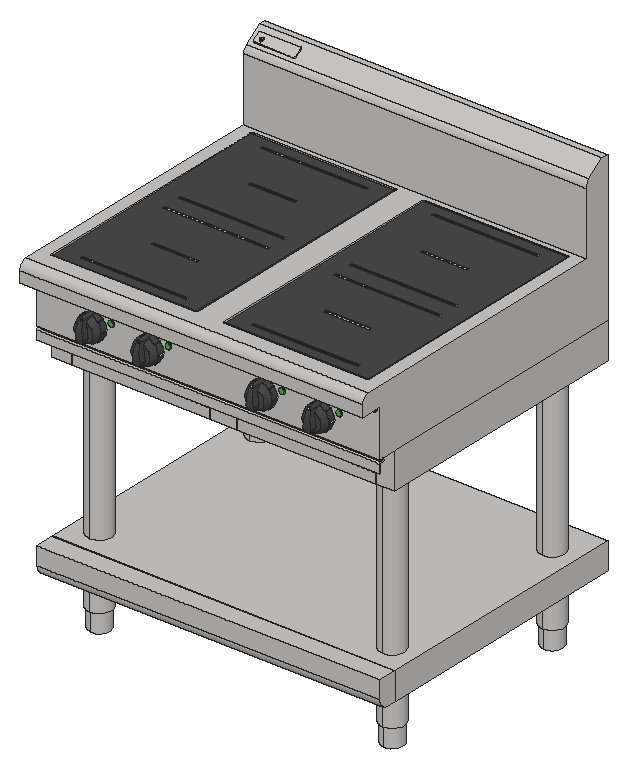
Revit family "QF_Moffat_IN8400R3-LS_Induction Cooktop_cat", category Specialty Equipment, Revit 2019
Family settings
  Round Connector Dimension = Use Diameter
  Part Type = Normal
  Work Plane-Based = No
  Always vertical = Yes
  Cut with Voids When Loaded = No
  Shared = No
  Room Calculation Point = No
Parameters (values of type "INB8400R3-LS_415/60/3")
  Weight in Kilograms = 105
  Watts = 14000 W
  Volts = 415 V
  URL Cutsheet = ""
  Specification by User = ""
  Specification by Manufacturer = ""
  Show Logo [instance] = yes
  Serial Number = ""
  Seismic Rating = ""
  SMACNA No = ""
  Revision Code = ""
  Phase = 3
  Number of Poles = 1
  NAFEM Spec ID Number = ""
  Model = "IN8400R3-LS"
  Min Ckt Ampacity = 0 A
  Max Overcurrent Protection = 0 A
  Masterspec = ""
  Manufacturer = "Moffat"
  Length = 900 mm
  Item Number = ""
  Installed By = ""
  Identify Quantity as Lot = yes
  Height = 1130 mm
  HP = ""
  Furnished By = ""
  Foodservice Equipment Identifier = yes
  FL Amps = 20 A
  Electrical Remarks = ""
  Electric Connection Type = ""
  Elec Conn RI Height = 0 mm
  Elec Conn Connection Height = 0 mm
  Description = "Induction Cooktop"
  Depth = 805 mm
  Cycle = 60 Hz
  Conn Plug = ""
  Conn Conduit = yes
  CSI MasterFormat = ""
  Apparent Power = if(Phase = 3, Volts * FL Amps * 1.73, Volts * FL Amps)  # 14359 VA
Reference planes
  plane 1 "BACK": y = 0
  plane 2: z = 0
  plane 3 "LEFT": x = 0
  plane 4 "RIGHT": x = 900
  plane 5 "FRONT": y = -805
  plane 6 "TOP": z = 1130
  plane 7 "Center Y": x = 450
  plane 8 "Center X": y = -402.5
  plane 9: x = 65.5
  plane 10: x = 834.5
  plane 11: y = -30
  plane 12: z = 150
  plane 13: y = -100
  plane 14: y = -625
  plane 15: y = -70
  plane 16: z = 915
  plane 17: x = 770
Forms (mm)
  Extrusion 1, solid, material "QF_Metal_Stainless_Polished"
    sketch origin (0, 0, 560) x (0, 1, 0) y (0, 0, 1)
      loop
        line (0, 180) -> (0, 570) -> (-18.182, 570) -> (-60.863, 538.99)
        arc (-60.863, 538.99) -> (-67.584, 531.121) -> (-70, 521.058) r 22.165
        line (-70, 521.058) -> (-70, 355) -> (-784.417, 355)
        arc (-784.417, 355) -> (-798.971, 348.971) -> (-805, 334.417) r 20.583
        line (-805, 334.417) -> (-805, 305) -> (-749, 305) -> (-749, 180) -> (0, 180)
    from 0 to 900
  Extrusion 2, void
    sketch origin (0, -784.171, 915) x (0, 1, 0) y (-1, 0, 0)
      loop
        arc (699.341, -37.323) -> (697.584, -33.08) -> (693.341, -31.323) r 6
        line (693.341, -31.323) -> (45.245, -31.323)
        arc (45.245, -31.323) -> (41.002, -33.08) -> (39.245, -37.323) r 6
        line (39.245, -37.323) -> (39.245, -410.105)
        arc (39.245, -410.105) -> (41.002, -414.347) -> (45.245, -416.105) r 6
        line (45.245, -416.105) -> (693.341, -416.105)
        arc (693.341, -416.105) -> (697.584, -414.347) -> (699.341, -410.105) r 6
        line (699.341, -410.105) -> (699.341, -37.323)
      loop
        line (699.341, -862.677) -> (699.341, -489.895)
        arc (699.341, -489.895) -> (697.584, -485.653) -> (693.341, -483.895) r 6
        line (693.341, -483.895) -> (45.245, -483.895)
        arc (45.245, -483.895) -> (41.002, -485.653) -> (39.245, -489.895) r 6
        line (39.245, -489.895) -> (39.245, -862.677)
        arc (39.245, -862.677) -> (41.002, -866.92) -> (45.245, -868.677) r 6
        line (45.245, -868.677) -> (693.341, -868.677)
        arc (693.341, -868.677) -> (697.584, -866.92) -> (699.341, -862.677) r 6
    from 0 to -9.5
  Extrusion 3, solid, material "QF_Plastic_Black_Smooth"
    sketch origin (0, -784.171, 915) x (0, 1, 0) y (-1, 0, 0)
      loop
        line (695.341, -410.105) -> (695.341, -37.323)
        arc (695.341, -37.323) -> (694.755, -35.908) -> (693.341, -35.323) r 2
        line (693.341, -35.323) -> (45.245, -35.323)
        arc (45.245, -35.323) -> (43.831, -35.908) -> (43.245, -37.323) r 2
        line (43.245, -37.323) -> (43.245, -410.105)
        arc (43.245, -410.105) -> (43.831, -411.519) -> (45.245, -412.105) r 2
        line (45.245, -412.105) -> (693.341, -412.105)
        arc (693.341, -412.105) -> (694.755, -411.519) -> (695.341, -410.105) r 2
      loop
        line (667.194, -86.598) -> (661.194, -86.598) -> (661.194, -363.75) -> (667.194, -363.75) -> (667.194, -86.598)
      loop
        line (526.611, -163.924) -> (526.611, -283.924) -> (532.611, -283.924) -> (532.611, -163.924) -> (526.611, -163.924)
      loop
        line (398.444, -86.598) -> (392.444, -86.598) -> (392.444, -363.75) -> (398.444, -363.75) -> (398.444, -86.598)
      loop
        line (345.944, -86.598) -> (339.944, -86.598) -> (339.944, -363.75) -> (345.944, -363.75) -> (345.944, -86.598)
      loop
        line (206.611, -163.924) -> (206.611, -283.924) -> (212.611, -283.924) -> (212.611, -163.924) -> (206.611, -163.924)
      loop
        line (77.194, -86.598) -> (71.194, -86.598) -> (71.194, -363.75) -> (77.194, -363.75) -> (77.194, -86.598)
      loop
        arc (695.341, -489.895) -> (694.755, -488.481) -> (693.341, -487.895) r 2
        line (693.341, -487.895) -> (45.245, -487.895)
        arc (45.245, -487.895) -> (43.831, -488.481) -> (43.245, -489.895) r 2
        line (43.245, -489.895) -> (43.245, -862.677)
        arc (43.245, -862.677) -> (43.831, -864.092) -> (45.245, -864.677) r 2
        line (45.245, -864.677) -> (693.341, -864.677)
        arc (693.341, -864.677) -> (694.755, -864.092) -> (695.341, -862.677) r 2
        line (695.341, -862.677) -> (695.341, -489.895)
      loop
        line (667.194, -813.402) -> (667.194, -536.25) -> (661.194, -536.25) -> (661.194, -813.402) -> (667.194, -813.402)
      loop
        line (526.611, -736.076) -> (532.611, -736.076) -> (532.611, -616.076) -> (526.611, -616.076) -> (526.611, -736.076)
      loop
        line (398.444, -813.402) -> (398.444, -536.25) -> (392.444, -536.25) -> (392.444, -813.402) -> (398.444, -813.402)
      loop
        line (345.944, -813.402) -> (345.944, -536.25) -> (339.944, -536.25) -> (339.944, -813.402) -> (345.944, -813.402)
      loop
        line (206.611, -736.076) -> (212.611, -736.076) -> (212.611, -616.076) -> (206.611, -616.076) -> (206.611, -736.076)
      loop
        line (77.194, -813.402) -> (77.194, -536.25) -> (71.194, -536.25) -> (71.194, -813.402) -> (77.194, -813.402)
    from 0 to -9.5
  Extrusion 4, solid, material "QF_Metal_Stainless_Polished"
    sketch origin (0, 0, 600) x (0, 1, 0) y (0, 0, 1)
      loop
        line (-739.467, 140) -> (-738.192, 134.838)
        arc (-738.192, 134.838) -> (-738.307, 134.302) -> (-738.799, 134.063) r 0.625
        line (-738.799, 134.063) -> (-746.111, 134.063)
        arc (-746.111, 134.063) -> (-748.011, 133.276) -> (-748.797, 131.377) r 2.686
        line (-748.797, 131.377) -> (-748.797, 107.627) -> (-747.197, 107.627) -> (-747.197, 131.242)
        arc (-747.197, 131.242) -> (-746.84, 132.105) -> (-745.976, 132.463) r 1.221
        line (-745.976, 132.463) -> (-738.755, 132.463)
        arc (-738.755, 132.463) -> (-737.028, 133.304) -> (-736.625, 135.182) r 2.194
        line (-736.625, 135.182) -> (-737.815, 140) -> (-739.467, 140)
    from 0 to 900
  Extrusion 5, solid, material "QF_Plastic_Black_Smooth"
    sketch origin (0, -749, 741.875) x (0, 0, 1) y (-1, 0, 0)
      loop
        circle (112.843, -13.157) r 5
      loop
        circle (112.843, -886.843) r 5
    from 0 to 1.6
  Extrusion 6, solid, material "QF_Metal_Stainless_Polished"
    sketch origin (450, -699, 645) x (0, 1, 0) y (1, 0, 0)
      loop
        circle (669, 320) r 6.35
    from 0 to 10
  Extrusion 7, solid, material "QF_Metal_Stainless_Polished"
    sketch origin (0, -699, 645) x (1, 0, 0) y (0, -1, 0)
      loop
        line (0, -699) -> (900, -699) -> (900, 0) -> (849.2, 0) -> (849.2, -25.4) -> (485.8, -25.4) -> (485.8, 0) -> (414.2, 0) -> (414.2, -25.4) -> (50.8, -25.4) -> (50.8, 0) -> (0, 0) -> (0, -699)
    from 0 to -95
  Extrusion 8, solid, material "QF_Metal_Stainless_Polished"
    sketch origin (50.8, -30, 645) x (0, 1, 0) y (0, 0, 1)
      loop
        line (-669, 0) -> (-643.6, 0) -> (-643.6, 26.45) -> (-669, 26.45) -> (-669, 0)
      loop
        line (-669, 32.45) -> (-643.6, 32.45) -> (-643.6, 66.4) -> (-669, 66.4) -> (-669, 32.45)
      loop
        line (-669, 67.4) -> (-643.6, 67.4) -> (-643.6, 95) -> (-669, 95) -> (-669, 67.4)
    from 0 to 363.4
  Extrusion 9, solid, material "QF_Metal_Stainless_Polished"
    sketch origin (900, 0, 560) x (-1, 0, 0) y (0, -1, 0)
      loop
        line (536.25, 122.976) -> (536.25, 116.976) -> (813.402, 116.976) -> (813.402, 122.976) -> (536.25, 122.976)
      loop
        line (736.076, 251.56) -> (736.076, 257.56) -> (616.076, 257.56) -> (616.076, 251.56) -> (736.076, 251.56)
      loop
        line (813.402, 385.726) -> (813.402, 391.726) -> (536.25, 391.726) -> (536.25, 385.726) -> (813.402, 385.726)
      loop
        line (813.402, 438.226) -> (813.402, 444.226) -> (536.25, 444.226) -> (536.25, 438.226) -> (813.402, 438.226)
      loop
        line (736.076, 571.56) -> (736.076, 577.56) -> (616.076, 577.56) -> (616.076, 571.56) -> (736.076, 571.56)
      loop
        line (536.25, 712.976) -> (536.25, 706.976) -> (813.402, 706.976) -> (813.402, 712.976) -> (536.25, 712.976)
      loop
        line (363.75, 122.976) -> (86.598, 122.976) -> (86.598, 116.976) -> (363.75, 116.976) -> (363.75, 122.976)
      loop
        line (163.924, 251.56) -> (283.924, 251.56) -> (283.924, 257.56) -> (163.924, 257.56) -> (163.924, 251.56)
      loop
        line (86.598, 385.726) -> (363.75, 385.726) -> (363.75, 391.726) -> (86.598, 391.726) -> (86.598, 385.726)
      loop
        line (86.598, 438.226) -> (363.75, 438.226) -> (363.75, 444.226) -> (86.598, 444.226) -> (86.598, 438.226)
      loop
        line (163.924, 571.56) -> (283.924, 571.56) -> (283.924, 577.56) -> (163.924, 577.56) -> (163.924, 571.56)
      loop
        line (363.75, 712.976) -> (86.598, 712.976) -> (86.598, 706.976) -> (363.75, 706.976) -> (363.75, 712.976)
    from 355 to 345.5
  Extrusion 10, solid, material "QF_Paint_Green"
    sketch origin (63.231, -748.999, 713.75) x (0, 0, 1) y (-1, 0, 0)
      loop
        circle (100.3, -282.5) r 7.15
    from 0 to 1.6
  Extrusion 11, solid, material "QF_Plastic_Black_Smooth"
    sketch origin (75, -748.999, 725.625) x (0, 0, 1) y (-1, 0, 0)
      loop
        circle (112.843, -225) r 5
    from 0 to 1.6
  Extrusion 12, solid, material "QF_Paint_Green"
    sketch origin (-86.769, -748.999, 713.75) x (0, 0, 1) y (-1, 0, 0)
      loop
        circle (100.3, -282.5) r 7.15
    from 0 to 1.6
  Extrusion 13, solid, material "QF_Plastic_Black_Smooth"
    sketch origin (-75, -748.999, 725.625) x (0, 0, 1) y (-1, 0, 0)
      loop
        circle (112.843, -225) r 5
    from 0 to 1.6
  Extrusion 14, solid, material "QF_Paint_Green"
    sketch origin (511.981, -748.999, 713.75) x (0, 0, 1) y (-1, 0, 0)
      loop
        circle (100.3, -282.5) r 7.15
    from 0 to 1.6
  Extrusion 15, solid, material "QF_Plastic_Black_Smooth"
    sketch origin (523.75, -748.999, 725.625) x (0, 0, 1) y (-1, 0, 0)
      loop
        circle (112.843, -225) r 5
    from 0 to 1.6
  Extrusion 16, solid, material "QF_Paint_Green"
    sketch origin (361.981, -748.999, 713.75) x (0, 0, 1) y (-1, 0, 0)
      loop
        circle (100.3, -282.5) r 7.15
    from 0 to 1.6
  Extrusion 17, solid, material "QF_Plastic_Black_Smooth"
    sketch origin (373.75, -748.999, 725.625) x (0, 0, 1) y (-1, 0, 0)
      loop
        circle (112.843, -225) r 5
    from 0 to 1.6
  Extrusion 18, solid, material "QF_Metal_Stainless_Polished"
    sketch origin (849.2, -30, 645) x (0, 1, 0) y (0, 0, -1)
      loop
        line (-669, 0) -> (-669, -26.45) -> (-643.6, -26.45) -> (-643.6, 0) -> (-669, 0)
      loop
        line (-669, -32.45) -> (-669, -66.4) -> (-643.6, -66.4) -> (-643.6, -32.45) -> (-669, -32.45)
      loop
        line (-669, -67.4) -> (-669, -95) -> (-643.6, -95) -> (-643.6, -67.4) -> (-669, -67.4)
    from 0 to 363.4
Cuts and joins
  Extrusion 2 cuts Extrusion 1
Lines and regions (mm)
  symbolic lines
    curve 1: line (0, 0, 0) -> (900, 0, 0)
    curve 2: line (0, -805, 0) -> (0, 0, 0)
    curve 3: line (900, -805, 0) -> (0, -805, 0)
    curve 4: line (900, 0, 0) -> (900, -805, 0)
    curve 5: line (0, -18.182, 0) -> (900, -18.182, 0)
    curve 6: line (0, -70, 0) -> (450, -70, 0)
    curve 7: line (37.323, -84.83, 0) -> (410.105, -84.83, 0)
    curve 8: arc (410.105, -84.83, 0) -> (414.347, -86.587, 0) -> (416.105, -90.83, 0) r 6
    curve 9: line (416.105, -90.83, 0) -> (416.105, -738.926, 0)
    curve 10: arc (416.105, -738.926, 0) -> (414.347, -743.168, 0) -> (410.105, -744.926, 0) r 6
    curve 11: line (410.105, -744.926, 0) -> (37.323, -744.926, 0)
    curve 12: arc (37.323, -744.926, 0) -> (33.08, -743.168, 0) -> (31.323, -738.926, 0) r 6
    curve 13: line (31.323, -738.926, 0) -> (31.323, -90.83, 0)
    curve 14: arc (31.323, -90.83, 0) -> (33.08, -86.587, 0) -> (37.323, -84.83, 0) r 6
    curve 15: line (410.105, -88.83, 0) -> (37.323, -88.83, 0)
    curve 16: arc (37.323, -88.83, 0) -> (35.908, -89.415, 0) -> (35.323, -90.83, 0) r 2
    curve 17: line (35.323, -90.83, 0) -> (35.323, -738.926, 0)
    curve 18: arc (35.323, -738.926, 0) -> (35.908, -740.34, 0) -> (37.323, -740.926, 0) r 2
    curve 19: line (37.323, -740.926, 0) -> (410.105, -740.926, 0)
    curve 20: arc (410.105, -740.926, 0) -> (411.519, -740.34, 0) -> (412.105, -738.926, 0) r 2
    curve 21: line (412.105, -738.926, 0) -> (412.105, -90.83, 0)
    curve 22: arc (412.105, -90.83, 0) -> (411.519, -89.415, 0) -> (410.105, -88.83, 0) r 2
    curve 23: line (416.105, -738.926, 0) -> (416.105, -90.83, 0)
    curve 24: line (412.105, -90.83, 0) -> (412.105, -738.926, 0)
    curve 25: line (862.677, -84.83, 0) -> (489.895, -84.83, 0)
    curve 26: arc (489.895, -84.83, 0) -> (485.653, -86.587, 0) -> (483.895, -90.83, 0) r 6
    curve 27: arc (483.895, -738.926, 0) -> (485.653, -743.168, 0) -> (489.895, -744.926, 0) r 6
    curve 28: line (489.895, -744.926, 0) -> (862.677, -744.926, 0)
    curve 29: arc (862.677, -744.926, 0) -> (866.92, -743.168, 0) -> (868.677, -738.926, 0) r 6
    curve 30: line (868.677, -738.926, 0) -> (868.677, -90.83, 0)
    curve 31: arc (868.677, -90.83, 0) -> (866.92, -86.587, 0) -> (862.677, -84.83, 0) r 6
    curve 32: line (489.895, -88.83, 0) -> (862.677, -88.83, 0)
    curve 33: arc (862.677, -88.83, 0) -> (864.092, -89.415, 0) -> (864.677, -90.83, 0) r 2
    curve 34: line (864.677, -90.83, 0) -> (864.677, -738.926, 0)
    curve 35: arc (864.677, -738.926, 0) -> (864.092, -740.34, 0) -> (862.677, -740.926, 0) r 2
    curve 36: line (862.677, -740.926, 0) -> (489.895, -740.926, 0)
    curve 37: arc (489.895, -740.926, 0) -> (488.481, -740.34, 0) -> (487.895, -738.926, 0) r 2
    curve 38: arc (487.895, -90.83, 0) -> (488.481, -89.415, 0) -> (489.895, -88.83, 0) r 2
    curve 39: line (487.895, -90.83, 0) -> (487.895, -738.926, 0)
    curve 40: arc (487.895, -738.926, 0) -> (488.481, -740.34, 0) -> (489.895, -740.926, 0) r 2
    curve 41: line (489.895, -740.926, 0) -> (862.677, -740.926, 0)
    curve 42: arc (862.677, -740.926, 0) -> (864.092, -740.34, 0) -> (864.677, -738.926, 0) r 2
    curve 43: line (864.677, -738.926, 0) -> (864.677, -90.83, 0)
    curve 44: arc (864.677, -90.83, 0) -> (864.092, -89.415, 0) -> (862.677, -88.83, 0) r 2
    curve 45: line (862.677, -88.83, 0) -> (489.895, -88.83, 0)
    curve 46: arc (489.895, -88.83, 0) -> (488.481, -89.415, 0) -> (487.895, -90.83, 0) r 2
    curve 47: line (483.895, -90.83, 0) -> (483.895, -738.926, 0)
    curve 48: arc (483.895, -738.926, 0) -> (485.653, -743.168, 0) -> (489.895, -744.926, 0) r 6
    curve 49: line (489.895, -744.926, 0) -> (862.677, -744.926, 0)
    curve 50: arc (862.677, -744.926, 0) -> (866.92, -743.168, 0) -> (868.677, -738.926, 0) r 6
    curve 51: line (868.677, -738.926, 0) -> (868.677, -90.83, 0)
    curve 52: arc (868.677, -90.83, 0) -> (866.92, -86.587, 0) -> (862.677, -84.83, 0) r 6
    curve 53: line (862.677, -84.83, 0) -> (489.895, -84.83, 0)
    curve 54: arc (489.895, -84.83, 0) -> (485.653, -86.587, 0) -> (483.895, -90.83, 0) r 6
    curve 55: line (86.598, -122.976, 0) -> (363.75, -122.976, 0)
    curve 56: line (363.75, -122.976, 0) -> (363.75, -116.976, 0)
    curve 57: line (363.75, -116.976, 0) -> (86.598, -116.976, 0)
    curve 58: line (86.598, -116.976, 0) -> (86.598, -122.976, 0)
    curve 59: line (283.924, -251.56, 0) -> (163.924, -251.56, 0)
    curve 60: line (163.924, -251.56, 0) -> (163.924, -257.56, 0)
    curve 61: line (163.924, -257.56, 0) -> (283.924, -257.56, 0)
    curve 62: line (283.924, -257.56, 0) -> (283.924, -251.56, 0)
    curve 63: line (536.25, -122.976, 0) -> (813.402, -122.976, 0)
    curve 64: line (813.402, -122.976, 0) -> (813.402, -116.976, 0)
    curve 65: line (813.402, -116.976, 0) -> (536.25, -116.976, 0)
    curve 66: line (536.25, -116.976, 0) -> (536.25, -122.976, 0)
    curve 67: line (736.076, -251.56, 0) -> (616.076, -251.56, 0)
    curve 68: line (616.076, -251.56, 0) -> (616.076, -257.56, 0)
    curve 69: line (616.076, -257.56, 0) -> (736.076, -257.56, 0)
    curve 70: line (736.076, -257.56, 0) -> (736.076, -251.56, 0)
    curve 71: line (736.076, -571.56, 0) -> (616.076, -571.56, 0)
    curve 72: line (616.076, -571.56, 0) -> (616.076, -577.56, 0)
    curve 73: line (616.076, -577.56, 0) -> (736.076, -577.56, 0)
    curve 74: line (736.076, -577.56, 0) -> (736.076, -571.56, 0)
    curve 75: line (813.402, -706.976, 0) -> (536.25, -706.976, 0)
    curve 76: line (536.25, -706.976, 0) -> (536.25, -712.976, 0)
    curve 77: line (536.25, -712.976, 0) -> (813.402, -712.976, 0)
    curve 78: line (813.402, -712.976, 0) -> (813.402, -706.976, 0)
    curve 79: line (86.598, -712.976, 0) -> (363.75, -712.976, 0)
    curve 80: line (363.75, -712.976, 0) -> (363.75, -706.976, 0)
    curve 81: line (363.75, -706.976, 0) -> (86.598, -706.976, 0)
    curve 82: line (86.598, -706.976, 0) -> (86.598, -712.976, 0)
    curve 83: line (283.924, -577.56, 0) -> (163.924, -577.56, 0)
    curve 84: line (163.924, -577.56, 0) -> (163.924, -571.56, 0)
    curve 85: line (163.924, -571.56, 0) -> (283.924, -571.56, 0)
    curve 86: line (283.924, -571.56, 0) -> (283.924, -577.56, 0)
    curve 87: line (86.598, -444.226, 0) -> (363.75, -444.226, 0)
    curve 88: line (363.75, -444.226, 0) -> (363.75, -438.226, 0)
    curve 89: line (363.75, -438.226, 0) -> (86.598, -438.226, 0)
    curve 90: line (86.598, -438.226, 0) -> (86.598, -444.226, 0)
    curve 91: line (86.598, -391.726, 0) -> (363.75, -391.726, 0)
    curve 92: line (363.75, -391.726, 0) -> (363.75, -385.726, 0)
    curve 93: line (363.75, -385.726, 0) -> (86.598, -385.726, 0)
    curve 94: line (86.598, -385.726, 0) -> (86.598, -391.726, 0)
    curve 95: line (0, 0, 560) -> (900, 0, 560)
    curve 96: line (0, -805, 560) -> (0, 0, 560)
    curve 97: line (900, -805, 560) -> (0, -805, 560)
    curve 98: line (900, 0, 560) -> (900, -805, 560)
    curve 99: line (0, -18.182, 560) -> (900, -18.182, 560)
    curve 100: line (0, -70, 560) -> (900, -70, 560)
    curve 101: line (416.105, -90.83, 560) -> (416.105, -738.926, 560)
    curve 102: line (412.105, -738.926, 560) -> (412.105, -90.83, 560)
    curve 103: line (416.105, -738.926, 560) -> (416.105, -90.83, 560)
    curve 104: line (412.105, -90.83, 560) -> (412.105, -738.926, 560)
    curve 105: line (862.677, -84.83, 560) -> (489.895, -84.83, 560)
    curve 106: arc (483.895, -738.926, 560) -> (485.653, -743.168, 560) -> (489.895, -744.926, 560) r 6
    curve 107: line (489.895, -744.926, 560) -> (862.677, -744.926, 560)
    curve 108: arc (862.677, -744.926, 560) -> (866.92, -743.168, 560) -> (868.677, -738.926, 560) r 6
    curve 109: arc (864.677, -738.926, 560) -> (864.092, -740.34, 560) -> (862.677, -740.926, 560) r 2
    curve 110: line (862.677, -740.926, 560) -> (489.895, -740.926, 560)
    curve 111: arc (489.895, -740.926, 560) -> (488.481, -740.34, 560) -> (487.895, -738.926, 560) r 2
    curve 112: arc (487.895, -738.926, 560) -> (488.481, -740.34, 560) -> (489.895, -740.926, 560) r 2
    curve 113: line (489.895, -740.926, 560) -> (862.677, -740.926, 560)
    curve 114: arc (862.677, -740.926, 560) -> (864.092, -740.34, 560) -> (864.677, -738.926, 560) r 2
    curve 115: arc (483.895, -738.926, 560) -> (485.653, -743.168, 560) -> (489.895, -744.926, 560) r 6
    curve 116: line (489.895, -744.926, 560) -> (862.677, -744.926, 560)
    curve 117: arc (862.677, -744.926, 560) -> (866.92, -743.168, 560) -> (868.677, -738.926, 560) r 6
    curve 118: line (86.598, -122.976, 560) -> (363.75, -122.976, 560)
    curve 119: line (363.75, -122.976, 560) -> (363.75, -116.976, 560)
    curve 120: line (363.75, -116.976, 560) -> (86.598, -116.976, 560)
    curve 121: line (86.598, -116.976, 560) -> (86.598, -122.976, 560)
    curve 122: line (283.924, -251.56, 560) -> (163.924, -251.56, 560)
    curve 123: line (163.924, -251.56, 560) -> (163.924, -257.56, 560)
    curve 124: line (163.924, -257.56, 560) -> (283.924, -257.56, 560)
    curve 125: line (283.924, -257.56, 560) -> (283.924, -251.56, 560)
    curve 126: line (536.25, -122.976, 560) -> (813.402, -122.976, 560)
    curve 127: line (813.402, -122.976, 560) -> (813.402, -116.976, 560)
    curve 128: line (813.402, -116.976, 560) -> (536.25, -116.976, 560)
    curve 129: line (536.25, -116.976, 560) -> (536.25, -122.976, 560)
    curve 130: line (736.076, -251.56, 560) -> (616.076, -251.56, 560)
    curve 131: line (616.076, -251.56, 560) -> (616.076, -257.56, 560)
    curve 132: line (616.076, -257.56, 560) -> (736.076, -257.56, 560)
    curve 133: line (736.076, -257.56, 560) -> (736.076, -251.56, 560)
    curve 134: line (736.076, -571.56, 560) -> (616.076, -571.56, 560)
    curve 135: line (616.076, -571.56, 560) -> (616.076, -577.56, 560)
    curve 136: line (616.076, -577.56, 560) -> (736.076, -577.56, 560)
    curve 137: line (736.076, -577.56, 560) -> (736.076, -571.56, 560)
    curve 138: line (813.402, -706.976, 560) -> (536.25, -706.976, 560)
    curve 139: line (536.25, -706.976, 560) -> (536.25, -712.976, 560)
    curve 140: line (536.25, -712.976, 560) -> (813.402, -712.976, 560)
    curve 141: line (813.402, -712.976, 560) -> (813.402, -706.976, 560)
    curve 142: line (86.598, -712.976, 560) -> (363.75, -712.976, 560)
    curve 143: line (363.75, -712.976, 560) -> (363.75, -706.976, 560)
    curve 144: line (363.75, -706.976, 560) -> (86.598, -706.976, 560)
    curve 145: line (86.598, -706.976, 560) -> (86.598, -712.976, 560)
    curve 146: line (283.924, -577.56, 560) -> (163.924, -577.56, 560)
    curve 147: line (163.924, -577.56, 560) -> (163.924, -571.56, 560)
    curve 148: line (163.924, -571.56, 560) -> (283.924, -571.56, 560)
    curve 149: line (283.924, -571.56, 560) -> (283.924, -577.56, 560)
    curve 150: line (86.598, -444.226, 560) -> (363.75, -444.226, 560)
    curve 151: line (363.75, -444.226, 560) -> (363.75, -438.226, 560)
    curve 152: line (363.75, -438.226, 560) -> (86.598, -438.226, 560)
    curve 153: line (86.598, -438.226, 560) -> (86.598, -444.226, 560)
    curve 154: line (86.598, -391.726, 560) -> (363.75, -391.726, 560)
    curve 155: line (363.75, -391.726, 560) -> (363.75, -385.726, 560)
    curve 156: line (363.75, -385.726, 560) -> (86.598, -385.726, 560)
    curve 157: line (86.598, -385.726, 560) -> (86.598, -391.726, 560)
    curve 158: line (536.25, -391.726, 560) -> (813.402, -391.726, 560)
    curve 159: line (813.402, -391.726, 560) -> (813.402, -385.726, 560)
    curve 160: line (813.402, -385.726, 560) -> (536.25, -385.726, 560)
    curve 161: line (536.25, -385.726, 560) -> (536.25, -391.726, 560)
    curve 162: line (536.25, -444.226, 560) -> (813.402, -444.226, 560)
    curve 163: line (813.402, -444.226, 560) -> (813.402, -438.226, 560)
    curve 164: line (813.402, -438.226, 560) -> (536.25, -438.226, 560)
    curve 165: line (536.25, -438.226, 560) -> (536.25, -444.226, 560)
Dimensions and locks
  equal spacing: plane 3 "LEFT", plane 7 "Center Y", plane 4 "RIGHT"
  "Length": plane 3 "LEFT" to plane 4 "RIGHT"
  equal spacing: plane 5 "FRONT", plane 8 "Center X", plane 1 "BACK"
  "Depth": plane 5 "FRONT" to plane 1 "BACK"
  "Height": plane 6 "TOP" to level
  plane 9 to plane 10 = 769 mm
  plane 4 "RIGHT" to plane 3 "LEFT" = 900 mm
  plane 6 "TOP" to plane 2 = 1130 mm
  plane 1 "BACK" to plane 11 = 30 mm
  plane 1 "BACK" to plane 13 to plane 14 = 100 mm, 525 mm
  plane 1 "BACK" to plane 15 = 70 mm
  plane 16 to level = 915 mm  (x2)
  level to plane 12 = 150 mm
  plane 12 to level = 150 mm
  plane 4 "RIGHT" to plane 17 = 130 mm
  plane 1 "BACK" to plane 5 "FRONT" = 805 mm
  locked: plane 10 to plane 4 "RIGHT" at 65.5
  aligned and locked: level to plane 2
  aligned and locked: plane 7 "Center Y" to nested 1
  aligned and locked: plane 8 "Center X" to nested 1
  aligned and locked: Extrusion 18 to Extrusion 7  (x2)
Automatic sketch dimensions
  Extrusion 1 sketch curve to plane 5 "FRONT" = 0 mm
  Extrusion 1 sketch curve to plane 16 = 0 mm
  Extrusion 1 sketch curve to plane 15 = 0 mm
  Extrusion 1 sketch curve to plane 6 "TOP" = 0 mm
  Extrusion 1 sketch curve to plane 1 "BACK" = 0 mm
  Extrusion 1 sketch curve to plane 5 "FRONT" = 20.583 mm
  Extrusion 1 sketch curve to plane 5 "FRONT" = 56 mm
  Extrusion 1 sketch curve to plane 15 = 9.137 mm
  plane 11 to Extrusion 1 sketch curve = 17.835 mm
  Extrusion 1 sketch curve to plane 11 = 11.818 mm
  Extrusion 1 sketch curve to Extrusion 1 sketch curve = 29.417 mm
  Extrusion 1 sketch curve to plane 16 = 175 mm
  Extrusion 1 sketch curve to plane 6 "TOP" = 48.942 mm
  Extrusion 2 sketch curve to Extrusion 1 = 39.492 mm  (x2)
  Extrusion 2 sketch curve to Extrusion 2 sketch curve = 6 mm  (x6)
  Extrusion 1 to Extrusion 2 sketch curve = 20.83 mm  (x4)
  Extrusion 1 to Extrusion 2 sketch curve = 31.323 mm
  Extrusion 2 sketch curve to Extrusion 2 sketch curve = 372.782 mm
  Extrusion 2 sketch curve to Extrusion 2 sketch curve = 67.791 mm
  Extrusion 1 to Extrusion 2 sketch curve = 37.323 mm
  Extrusion 4 sketch curve to plane 5 "FRONT" = 56.203 mm
  Extrusion 4 sketch curve to Extrusion 4 sketch curve = 1.6 mm
  Extrusion 4 sketch curve to Extrusion 4 sketch curve = 1.086 mm
  Extrusion 4 sketch curve to Extrusion 4 sketch curve = 0.135 mm  (x2)
  Extrusion 4 sketch curve to Extrusion 4 sketch curve = 6.644 mm
  Extrusion 4 sketch curve to Extrusion 4 sketch curve = 0.668 mm
  Extrusion 4 sketch curve to Extrusion 4 sketch curve = 0.044 mm
  Extrusion 4 sketch curve to Extrusion 4 sketch curve = 0.563 mm
  Extrusion 4 sketch curve to Extrusion 4 sketch curve = 1.652 mm
  Extrusion 4 sketch curve to Extrusion 4 sketch curve = 1.567 mm
  Extrusion 4 sketch curve to plane 16 = 207.373 mm
  Extrusion 4 sketch curve to Extrusion 4 sketch curve = 23.614 mm
  Extrusion 4 sketch curve to Extrusion 4 sketch curve = 0.594 mm
  Extrusion 4 sketch curve to Extrusion 4 sketch curve = 0.032 mm
  Extrusion 4 sketch curve to Extrusion 4 sketch curve = 5.162 mm
  Extrusion 1 to Extrusion 5 sketch curve = 10.282 mm  (x2)
  Extrusion 1 to Extrusion 5 sketch curve = 13.157 mm  (x2)
  Extrusion 12 sketch curve to plane 16 = 100.95 mm
  Extrusion 12 sketch curve to plane 9 = 130.231 mm
  Extrusion 13 sketch curve to plane 16 = 76.532 mm
  Extrusion 13 sketch curve to plane 9 = 84.5 mm
  plane 17 to Extrusion 14 sketch curve = 24.481 mm
  Extrusion 14 sketch curve to plane 16 = 100.95 mm
  Extrusion 15 sketch curve to plane 17 = 21.25 mm
  Extrusion 15 sketch curve to plane 16 = 76.532 mm
  Extrusion 16 sketch curve to plane 16 = 100.95 mm
  Extrusion 16 sketch curve to plane 17 = 125.519 mm
  plane 14 to Extrusion 18 sketch curve = 74 mm
  Extrusion 18 sketch curve to Extrusion 18 sketch curve = 0 mm  (x4)
  Extrusion 18 sketch curve to Extrusion 18 sketch curve = 25.4 mm
  Extrusion 18 sketch curve to plane 16 = 175 mm
  Extrusion 18 sketch curve to Extrusion 18 sketch curve = 27.6 mm
  Extrusion 18 sketch curve to Extrusion 18 sketch curve = 1 mm
  Extrusion 18 sketch curve to Extrusion 18 sketch curve = 33.95 mm
  Extrusion 18 sketch curve to Extrusion 18 sketch curve = 6 mm
  Extrusion 18 sketch curve to Extrusion 18 sketch curve = 26.45 mm
  Extrusion 3 sketch curve to Extrusion 1 = 43.492 mm  (x2)
  Extrusion 3 sketch curve to Extrusion 3 sketch curve = 2 mm  (x6)
  Extrusion 3 sketch curve to Extrusion 3 sketch curve = 25.949 mm  (x2)
  Extrusion 3 sketch curve to Extrusion 3 sketch curve = 6 mm  (x12)
  Extrusion 3 sketch curve to Extrusion 3 sketch curve = 129.416 mm  (x2)
  Extrusion 3 sketch curve to Extrusion 3 sketch curve = 127.334 mm  (x2)
  Extrusion 3 sketch curve to Extrusion 3 sketch curve = 46.5 mm  (x2)
  Extrusion 3 sketch curve to Extrusion 3 sketch curve = 128.166 mm  (x2)
  Extrusion 1 to Extrusion 3 sketch curve = 52.976 mm  (x2)
  Extrusion 1 to Extrusion 3 sketch curve = 20.83 mm  (x4)
  Extrusion 1 to Extrusion 3 sketch curve = 35.323 mm
  Extrusion 3 sketch curve to Extrusion 3 sketch curve = 49.275 mm  (x2)
  Extrusion 1 to Extrusion 3 sketch curve = 86.598 mm  (x4)
  Extrusion 3 sketch curve to Extrusion 3 sketch curve = 0 mm  (x4)
  Extrusion 3 sketch curve to Extrusion 3 sketch curve = 77.326 mm  (x2)
  Extrusion 3 sketch curve to Extrusion 3 sketch curve = 120 mm  (x4)
  Extrusion 3 sketch curve to Extrusion 3 sketch curve = 79.826 mm  (x5)
  Extrusion 3 sketch curve to Extrusion 3 sketch curve = 46.355 mm  (x3)
  Extrusion 3 sketch curve to Extrusion 3 sketch curve = 75.791 mm
  Extrusion 3 sketch curve to Extrusion 3 sketch curve = 172.5 mm
  Extrusion 1 to Extrusion 3 sketch curve = 37.323 mm
  curve 8 to curve 22 = 0 mm  (x2)
  curve 10 to curve 20 = 0 mm  (x2)
  curve 12 to curve 18 = 0 mm  (x2)
  curve 14 to curve 16 = 0 mm  (x2)
  curve 26 to curve 38 = 0 mm  (x2)
  curve 26 to curve 46 = 0 mm  (x2)
  curve 26 to curve 54 = 0 mm  (x2)
  curve 27 to curve 37 = 0 mm  (x2)
  curve 27 to curve 40 = 0 mm  (x2)
  curve 27 to curve 48 = 0 mm  (x2)
  curve 29 to curve 35 = 0 mm  (x2)
  curve 29 to curve 42 = 0 mm  (x2)
  curve 29 to curve 50 = 0 mm  (x2)
  curve 31 to curve 33 = 0 mm  (x2)
  curve 31 to curve 44 = 0 mm  (x2)
  curve 31 to curve 52 = 0 mm  (x2)
  curve 33 to curve 44 = 0 mm  (x2)
  curve 33 to curve 52 = 0 mm  (x2)
  curve 35 to curve 42 = 0 mm  (x2)
  curve 35 to curve 50 = 0 mm  (x2)
  curve 37 to curve 40 = 0 mm  (x2)
  curve 37 to curve 48 = 0 mm  (x2)
  curve 38 to curve 46 = 0 mm  (x2)
  curve 38 to curve 54 = 0 mm  (x2)
  curve 40 to curve 48 = 0 mm  (x2)
  curve 42 to curve 50 = 0 mm  (x2)
  curve 44 to curve 52 = 0 mm  (x2)
  curve 46 to curve 54 = 0 mm  (x2)
  plane 1 "BACK" to curve 1 = 0 mm
  curve 1 to plane 3 "LEFT" = 0 mm
  curve 6 to plane 7 "Center Y" = 0 mm
  curve 5 to plane 4 "RIGHT" = 0 mm
  plane 5 "FRONT" to curve 3 = 0 mm
  plane 15 to curve 6 = 0 mm
  plane 3 "LEFT" to curve 13 = 31.323 mm
  curve 13 to curve 17 = 4 mm
  curve 17 to curve 16 = 2 mm
  curve 17 to curve 18 = 2 mm
  curve 94 to plane 9 = 21.098 mm
  curve 57 to plane 9 = 21.098 mm
  curve 79 to plane 9 = 21.098 mm
  curve 87 to plane 9 = 21.098 mm
  curve 83 to plane 14 = 47.44 mm
  curve 83 to plane 9 = 98.424 mm
  curve 59 to plane 9 = 98.424 mm
  curve 60 to curve 61 = 120 mm
  curve 85 to plane 14 = 53.44 mm
  curve 84 to curve 85 = 120 mm
  curve 79 to plane 7 "Center Y" = 86.25 mm
  curve 88 to plane 8 "Center X" = 41.726 mm
  curve 88 to plane 7 "Center Y" = 86.25 mm
  plane 13 to curve 57 = 16.976 mm
  curve 57 to plane 7 "Center Y" = 86.25 mm
  plane 8 "Center X" to curve 93 = 16.774 mm
  curve 93 to curve 88 = 0 mm
  curve 10 to plane 7 "Center Y" = 39.895 mm
  curve 22 to plane 13 = 9.17 mm
  curve 22 to plane 7 "Center Y" = 39.895 mm
  curve 10 to curve 21 = 2 mm
  plane 7 "Center Y" to curve 47 = 33.895 mm
  curve 54 to curve 39 = 4 mm
  curve 38 to curve 45 = 2 mm
  curve 37 to curve 40 = 2 mm
  curve 27 to curve 77 = 46.355 mm
  plane 13 to curve 65 = 16.976 mm
  curve 38 to curve 65 = 46.355 mm
  curve 72 to plane 14 = 53.44 mm
  curve 72 to plane 17 = 153.924 mm
  curve 63 to curve 68 = 79.826 mm
  curve 70 to plane 17 = 33.924 mm
  curve 73 to plane 17 = 33.924 mm
  plane 10 to curve 65 = 21.098 mm
  plane 10 to curve 78 = 21.098 mm
  curve 33 to plane 13 = 9.17 mm
  curve 33 to plane 10 = 28.177 mm
  curve 50 to plane 10 = 28.177 mm
  curve 31 to curve 34 = 2 mm
  curve 28 to plane 5 "FRONT" = 60.074 mm
  curve 11 to plane 5 "FRONT" = 60.074 mm
  curve 29 to curve 77 = 25.949 mm
  curve 10 to curve 80 = 25.949 mm
  curve 79 to curve 82 = 6 mm
  curve 77 to curve 75 = 6 mm
  curve 73 to curve 71 = 6 mm
  curve 87 to curve 90 = 6 mm
  curve 92 to curve 92 = 6 mm
  plane 8 "Center X" to curve 68 = 144.94 mm
  plane 8 "Center X" to curve 61 = 144.94 mm
  curve 69 to curve 67 = 6 mm
  curve 61 to curve 62 = 6 mm
  curve 64 to curve 64 = 6 mm
  curve 55 to curve 57 = 6 mm
  curve 5 to plane 11 = 11.818 mm
  plane 8 "Center X" to curve 158 = 10.774 mm
  plane 7 "Center Y" to curve 158 = 86.25 mm
  curve 165 to curve 158 = 0 mm
  plane 10 to curve 159 = 21.098 mm
  plane 10 to curve 162 = 21.098 mm
  curve 163 to plane 8 "Center X" = 35.726 mm
  curve 165 to curve 164 = 6 mm
  curve 158 to curve 161 = 6 mm
  Extrusion 7 to Extrusion 6 sketch curve = 30 mm
  Extrusion 6 sketch curve to Extrusion 7 = 79.2 mm
  Extrusion 7 sketch curve to plane 3 "LEFT" = 0 mm
  Extrusion 7 sketch curve to plane 4 "RIGHT" = 0 mm
  plane 1 "BACK" to Extrusion 7 sketch curve = 0 mm
  plane 9 to Extrusion 7 sketch curve = 14.7 mm
  Extrusion 7 sketch curve to plane 7 "Center Y" = 35.8 mm
  plane 7 "Center Y" to Extrusion 7 sketch curve = 35.8 mm
  Extrusion 7 sketch curve to plane 10 = 14.7 mm
  plane 14 to Extrusion 7 sketch curve = 48.6 mm  (x2)
  Extrusion 7 sketch curve to Extrusion 7 sketch curve = 25.4 mm  (x3)
  Extrusion 8 sketch curve to Extrusion 7 = 0 mm  (x8)
  Extrusion 7 to Extrusion 8 sketch curve = 26.45 mm
  Extrusion 8 sketch curve to Extrusion 8 sketch curve = 6 mm
  Extrusion 7 to Extrusion 8 sketch curve = 28.6 mm
  Extrusion 8 sketch curve to Extrusion 8 sketch curve = 1 mm
  Extrusion 9 sketch curve to plane 10 = 21.098 mm  (x4)
  plane 17 to Extrusion 9 sketch curve = 33.924 mm  (x2)
  plane 14 to Extrusion 9 sketch curve = 47.44 mm
  Extrusion 9 sketch curve to Extrusion 9 sketch curve = 120 mm  (x2)
  plane 8 "Center X" to Extrusion 9 sketch curve = 41.726 mm  (x2)
  Extrusion 9 sketch curve to plane 7 "Center Y" = 86.25 mm  (x3)
  Extrusion 9 sketch curve to plane 8 "Center X" = 16.774 mm  (x2)
  Extrusion 9 sketch curve to Extrusion 9 sketch curve = 0 mm  (x2)
  Extrusion 9 sketch curve to plane 13 = 22.976 mm
  plane 7 "Center Y" to Extrusion 9 sketch curve = 86.25 mm  (x3)
  Extrusion 9 sketch curve to plane 13 = 16.976 mm
  plane 14 to Extrusion 9 sketch curve = 53.44 mm
  Extrusion 9 sketch curve to Extrusion 9 sketch curve = 79.826 mm  (x2)
  plane 9 to Extrusion 9 sketch curve = 98.424 mm  (x2)
  plane 9 to Extrusion 9 sketch curve = 21.098 mm  (x4)
  Extrusion 9 sketch curve to plane 14 = 81.976 mm  (x2)
  Extrusion 9 sketch curve to Extrusion 9 sketch curve = 6 mm  (x12)
  Extrusion 9 sketch curve to plane 8 "Center X" = 144.94 mm  (x2)
  Extrusion 10 sketch curve to plane 16 = 100.95 mm
  Extrusion 10 sketch curve to plane 7 "Center Y" = 104.269 mm
  Extrusion 11 sketch curve to plane 16 = 76.532 mm
  Extrusion 11 sketch curve to plane 7 "Center Y" = 150 mm
  Extrusion 17 sketch curve to plane 16 = 76.532 mm
  plane 7 "Center Y" to Extrusion 17 sketch curve = 148.75 mm
  curve 106 to curve 111 = 0 mm  (x2)
  curve 106 to curve 112 = 0 mm  (x2)
  curve 106 to curve 115 = 0 mm  (x2)
  curve 108 to curve 109 = 0 mm  (x2)
  curve 108 to curve 114 = 0 mm  (x2)
  curve 108 to curve 117 = 0 mm  (x2)
  curve 109 to curve 114 = 0 mm  (x2)
  curve 109 to curve 117 = 0 mm  (x2)
  curve 111 to curve 112 = 0 mm  (x2)
  curve 111 to curve 115 = 0 mm  (x2)
  curve 112 to curve 115 = 0 mm  (x2)
  curve 114 to curve 117 = 0 mm  (x2)
  plane 1 "BACK" to curve 95 = 0 mm
  curve 95 to plane 3 "LEFT" = 0 mm
  curve 98 to plane 4 "RIGHT" = 0 mm
  plane 5 "FRONT" to curve 97 = 0 mm
  plane 15 to curve 100 = 0 mm
  curve 153 to plane 9 = 21.098 mm
  curve 157 to plane 9 = 21.098 mm
  curve 145 to plane 9 = 21.098 mm
  curve 121 to plane 9 = 21.098 mm
  curve 148 to plane 9 = 98.424 mm
  curve 124 to plane 9 = 98.424 mm
  curve 123 to curve 125 = 120 mm
  curve 146 to plane 14 = 47.44 mm
  curve 146 to curve 146 = 120 mm
  plane 13 to curve 120 = 16.976 mm
  curve 120 to plane 7 "Center Y" = 86.25 mm
  curve 142 to plane 7 "Center Y" = 86.25 mm
  curve 152 to plane 8 "Center X" = 35.726 mm
  curve 152 to plane 7 "Center Y" = 86.25 mm
  plane 8 "Center X" to curve 154 = 10.774 mm
  curve 154 to curve 151 = 0 mm
  curve 104 to plane 7 "Center Y" = 37.895 mm
  curve 102 to curve 101 = 4 mm
  plane 7 "Center Y" to curve 107 = 39.895 mm
  plane 13 to curve 129 = 22.976 mm
  plane 7 "Center Y" to curve 129 = 86.25 mm
  curve 106 to curve 138 = 46.355 mm
  curve 135 to plane 14 = 53.44 mm
  curve 135 to plane 17 = 153.924 mm
  curve 126 to curve 130 = 79.826 mm
  curve 137 to plane 17 = 33.924 mm
  curve 133 to plane 17 = 33.924 mm
  plane 10 to curve 141 = 21.098 mm
  plane 10 to curve 128 = 21.098 mm
  curve 109 to plane 10 = 28.177 mm
  curve 116 to plane 5 "FRONT" = 60.074 mm
  curve 106 to curve 110 = 4 mm
  curve 110 to curve 117 = 2 mm
  curve 110 to curve 106 = 2 mm
  curve 104 to plane 5 "FRONT" = 66.074 mm
  curve 102 to curve 103 = 0 mm  (x2)
  curve 108 to curve 140 = 25.949 mm
  curve 102 to curve 143 = 25.949 mm
  curve 139 to curve 138 = 6 mm
  curve 142 to curve 144 = 6 mm
  curve 136 to curve 134 = 6 mm
  curve 146 to curve 148 = 6 mm
  curve 151 to curve 151 = 6 mm
  curve 154 to curve 157 = 6 mm
  plane 8 "Center X" to curve 132 = 144.94 mm
  plane 8 "Center X" to curve 125 = 144.94 mm
  curve 132 to curve 133 = 6 mm
  curve 124 to curve 122 = 6 mm
  curve 121 to curve 120 = 6 mm
  curve 126 to curve 128 = 6 mm
  curve 102 to plane 13 = 9.17 mm
  plane 15 to curve 105 = 14.83 mm
  plane 7 "Center Y" to curve 105 = 39.895 mm
  curve 105 to plane 10 = 28.177 mm
  curve 99 to plane 11 = 11.818 mm
  radius of Extrusion 5 sketch curve = 5 mm  (x2)
  radius of Extrusion 12 sketch curve = 7.15 mm
  radius of Extrusion 13 sketch curve = 5 mm
  radius of Extrusion 14 sketch curve = 7.15 mm
  radius of Extrusion 15 sketch curve = 5 mm
  radius of Extrusion 16 sketch curve = 7.15 mm
  radius of Extrusion 6 sketch curve = 6.35 mm
  radius of Extrusion 10 sketch curve = 7.15 mm
  radius of Extrusion 11 sketch curve = 5 mm
  radius of Extrusion 17 sketch curve = 5 mm
Nested families
  nested 1: "IN8400-LS_Leg Stand" at (0, 0, 0), type "IN511F-LS"
  nested 2: "QF_LOGO_Waldorf" at (12, -52.35, 1105.175), visible <- "Show Logo", type "QF_LOGO_Waldorf"
  nested 3: "Knob" at (267.5, -739.499, 760.75), type "Knob"
  nested 4: "Knob" at (117.5, -739.499, 760.75), type "Knob"
  nested 5: "Knob" at (716.25, -739.499, 760.75), type "Knob"
  nested 6: "Knob" at (566.25, -739.499, 760.75), type "Knob"
Connectors
  electrical at (770, -30, 635), driven by "Volts", driven by "Watts"
    settings: on Extrusion 6, index 5, voltage 415 V, apparent load 14000 VA, apparent load phase1 0 VA, apparent load phase2 0 VA, apparent load phase3 0 VA, power factor 1, load classification "Other", number of poles 1, system type 30, power factor state 1, is connector primary yes, connector utility no, sub classification motor no, connector description "ELEECTRICAL CONNECTION"
Definition of nested family "IN8400-LS_Leg Stand"
  Parameters (values of type "IN511F-LS")
    Model = ""
    Manufacturer = ""
    Description = ""
  Reference planes
    plane 1 "BACK": y = 0
    plane 2: z = 0
    plane 3 "LEFT": x = 0
    plane 4 "RIGHT": x = 900
    plane 5 "FRONT": y = -805
    plane 6 "TOP": z = 1130
    plane 7 "Center Y": x = 450
    plane 8 "Center X": y = -402.5
    plane 9: x = 65.5
    plane 10: x = 834.5
    plane 11: z = 635
    plane 12: y = -100
    plane 13: y = -625
    plane 14: z = 150
    plane 15: z = 645
  Forms (mm)
    Revolve 1, solid
      sketch origin (65.5, -4572, 255.2) x (0, 0, -1) y (0, -1, 0)
        loop
          line (255.2, -3974.5) -> (255.2, -3947) -> (-389.8, -3947) -> (-389.8, -3978.75) -> (205.2, -3978.75) -> (205.2, -3974.5) -> (255.2, -3974.5)
        axis (-389.8, -3947) -> (255.2, -3947)
      angle from 0 to 360
    Revolve 2, solid
      sketch origin (834.5, -4572, 255.2) x (0, 0, -1) y (0, 1, 0)
        loop
          line (255.2, 3974.5) -> (205.2, 3974.5) -> (205.2, 3978.75) -> (-389.8, 3978.75) -> (-389.8, 3947) -> (255.2, 3947) -> (255.2, 3974.5)
        axis (-389.8, 3947) -> (255.2, 3947)
      angle from 0 to 360
    Extrusion 3, solid
      sketch origin (0, 0, 0) x (0, 1, 0) y (0, 0, 1)
        loop
          line (-747.95, 222.5) -> (-747.95, 175)
          arc (-747.95, 175) -> (-740.628, 157.322) -> (-722.95, 150) r 25
          line (-722.95, 150) -> (-697.95, 150) -> (-697.95, 222.5) -> (-747.95, 222.5)
      from 0 to 900
    Extrusion 4, solid
      sketch origin (0, 0, 0) x (0, 1, 0) y (0, 0, 1)
        loop
          line (-697.95, 222.5) -> (-697.95, 150) -> (0, 150) -> (0, 222.5) -> (-697.95, 222.5)
      from 0 to 900
    Revolve 5, solid
      sketch origin (65.5, -4047, 255.2) x (0, 0, -1) y (0, -1, 0)
        loop
          line (255.2, -3974.5) -> (255.2, -3947) -> (-389.8, -3947) -> (-389.8, -3978.75) -> (205.2, -3978.75) -> (205.2, -3974.5) -> (255.2, -3974.5)
        axis (-389.8, -3947) -> (255.2, -3947)
      angle from 0 to 360
    Revolve 6, solid
      sketch origin (834.5, -4047, 255.2) x (0, 0, -1) y (0, 1, 0)
        loop
          line (255.2, 3974.5) -> (205.2, 3974.5) -> (205.2, 3978.75) -> (-389.8, 3978.75) -> (-389.8, 3947) -> (255.2, 3947) -> (255.2, 3974.5)
        axis (-389.8, 3947) -> (255.2, 3947)
      angle from 0 to 360
  Cuts and joins
    joined: Revolve 1, Revolve 2, Extrusion 4, Revolve 5, Revolve 6
  Dimensions and locks
    equal spacing: plane 3 "LEFT", plane 7 "Center Y", plane 4 "RIGHT"
    plane 3 "LEFT" to plane 4 "RIGHT" = 900 mm
    equal spacing: plane 5 "FRONT", plane 8 "Center X", plane 1 "BACK"
    plane 5 "FRONT" to plane 1 "BACK" = 805 mm
    plane 6 "TOP" to level = 1130 mm
    plane 9 to plane 10 = 769 mm
    plane 4 "RIGHT" to plane 3 "LEFT" = 900 mm
    plane 1 "BACK" to plane 5 "FRONT" = 805 mm
    plane 6 "TOP" to plane 2 = 1130 mm
    plane 1 "BACK" to plane 12 to plane 13 = 100 mm, 525 mm
    plane 2 to plane 11 = 635 mm
    plane 14 to plane 2 = 150 mm
    plane 10 to plane 4 "RIGHT" = 65.5 mm
    equal spacing: plane 4 "RIGHT", plane 7 "Center Y", plane 3 "LEFT"
    locked: plane 10 to plane 4 "RIGHT" at 65.5
    aligned and locked: level to plane 2
    aligned and locked: cut or joined group of Revolve 1, Revolve 2, Extrusion 4, Revolve 5, Revolve 6 to plane 15  (x2)
    aligned and locked: plane 15 to cut or joined group of Revolve 1, Revolve 2, Extrusion 4, Revolve 5, Revolve 6  (x2)
    aligned and locked: Extrusion 3 to plane 4 "RIGHT"
    aligned and locked: cut or joined group of Revolve 1, Revolve 2, Extrusion 4, Revolve 5, Revolve 6 to plane 4 "RIGHT"
    aligned and locked: plane 10 to cut or joined group of Revolve 1, Revolve 2, Extrusion 4, Revolve 5, Revolve 6  (x2)
  Automatic sketch dimensions
    Revolve 1 sketch curve to plane 13 = 0 mm  (x2)
    Revolve 1 sketch curve to level = 0 mm  (x2)
    level to Revolve 1 sketch curve = 50 mm
    Revolve 1 sketch curve to plane 11 = 10 mm
    Revolve 1 sketch curve to Revolve 1 sketch curve = 27.5 mm
    Revolve 1 sketch curve to Revolve 1 sketch curve = 31.75 mm
    Revolve 1 sketch curve to Revolve 1 sketch curve = 25 mm
    Revolve 2 sketch curve to plane 13 = 0 mm  (x2)
    Revolve 2 sketch curve to level = 0 mm  (x2)
    level to Revolve 2 sketch curve = 50 mm
    Revolve 2 sketch curve to plane 11 = 10 mm
    Revolve 2 sketch curve to plane 13 = 27.5 mm
    Revolve 2 sketch curve to Revolve 2 sketch curve = 4.25 mm
    Revolve 2 sketch curve to Revolve 2 sketch curve = 25 mm
    Extrusion 3 sketch curve to plane 14 = 0 mm
    Extrusion 3 sketch curve to plane 5 "FRONT" = 57.05 mm
    Extrusion 3 sketch curve to Extrusion 3 sketch curve = 25 mm  (x2)
    Extrusion 3 sketch curve to Extrusion 3 sketch curve = 47.5 mm
    Extrusion 4 sketch curve to plane 14 = 0 mm
    Extrusion 4 sketch curve to plane 1 "BACK" = 0 mm
    plane 13 to Extrusion 4 sketch curve = 72.95 mm
    Extrusion 4 sketch curve to Extrusion 4 sketch curve = 72.5 mm
    Revolve 5 sketch curve to plane 12 = 0 mm  (x2)
    Revolve 5 sketch curve to level = 0 mm  (x2)
    level to Revolve 5 sketch curve = 50 mm
    Revolve 5 sketch curve to plane 11 = 10 mm
    Revolve 5 sketch curve to Revolve 5 sketch curve = 27.5 mm
    Revolve 5 sketch curve to Revolve 5 sketch curve = 31.75 mm
    Revolve 5 sketch curve to Revolve 5 sketch curve = 25 mm
    Revolve 6 sketch curve to plane 12 = 0 mm  (x2)
    Revolve 6 sketch curve to level = 0 mm  (x2)
    level to Revolve 6 sketch curve = 50 mm
    Revolve 6 sketch curve to plane 11 = 10 mm
    Revolve 6 sketch curve to plane 12 = 27.5 mm
    Revolve 6 sketch curve to Revolve 6 sketch curve = 4.25 mm
    Revolve 6 sketch curve to Revolve 6 sketch curve = 25 mm
Definition of nested family "QF_LOGO_Waldorf"
  Parameters (values of type "QF_LOGO_Waldorf")
    Weight in Pounds = 0
    URL Cutsheet = ""
    Specification by User = ""
    Specification by Manufacturer = ""
    Serial Number = ""
    Seismic Rating = ""
    SMACNA No = ""
    Revision Code = ""
    NAFEM Spec ID Number = ""
    Masterspec = ""
    Length = 138 mm
    Item Number = ""
    Installed By = ""
    Identify Quantity as Lot = yes
    Height = 26.711 mm
    Furnished By = ""
    Foodservice Equipment Identifier = yes
    Depth = 3.175 mm
    CSI MasterFormat = ""
  Reference planes
    plane 1 "BACK": y = 0
    plane 2: z = 0
    plane 3 "LEFT": x = 0
    plane 4 "RIGHT": x = 138
    plane 5 "FRONT": y = -3.175
    plane 6 "TOP": z = 26.711
    plane 7 "Center Y": x = 69
    plane 8 "Center X": y = -1.587
  Forms (mm)
    Extrusion 1, solid
      sketch origin (0, 0, 0) x (1, 0, 0) y (0, 0.809017, 0.587785)
        loop
          line (109, 3.464) -> (109, 23.247)
          spline (109, 23.247) -> (108.966, 23.699) -> (108.864, 24.143) -> (108.696, 24.572) -> (108.464, 24.979) -> (108.173, 25.355) -> (107.828, 25.696) -> (107.435, 25.995) -> (107, 26.247) -> (106.531, 26.447) -> (106.035, 26.593) -> (105.522, 26.681) -> (105, 26.711)
          line (105, 26.711) -> (4, 26.711)
          spline (4, 26.711) -> (3.478, 26.681) -> (2.965, 26.593) -> (2.469, 26.447) -> (2, 26.247) -> (1.565, 25.995) -> (1.172, 25.696) -> (0.827, 25.355) -> (0.536, 24.979) -> (0.304, 24.572) -> (0.136, 24.143) -> (0.034, 23.699) -> (0, 23.247)
          line (0, 23.247) -> (0, 3.464)
          spline (0, 3.464) -> (0.034, 3.012) -> (0.136, 2.568) -> (0.304, 2.138) -> (0.536, 1.732) -> (0.827, 1.355) -> (1.172, 1.015) -> (1.565, 0.716) -> (2, 0.464) -> (2.469, 0.264) -> (2.965, 0.118) -> (3.478, 0.03) -> (4, 0)
          line (4, 0) -> (105, 0)
          spline (105, 0) -> (105.522, 0.03) -> (106.035, 0.118) -> (106.531, 0.264) -> (107, 0.464) -> (107.435, 0.716) -> (107.828, 1.015) -> (108.173, 1.355) -> (108.464, 1.732) -> (108.696, 2.138) -> (108.864, 2.568) -> (108.966, 3.012) -> (109, 3.464)
        loop
          line (14.75, 7.005) -> (14.75, 15.654)
          arc (14.75, 15.654) -> (10.425, 11.329) -> (14.75, 7.005) r 4.325
        loop
          line (15.25, 15.654) -> (15.25, 7.005)
          arc (15.25, 7.005) -> (19.575, 11.329) -> (15.25, 15.654) r 4.325
      from 0 to 3.2
    Extrusion 2, solid
      sketch origin (0, 0, 0) x (1, 0, 0) y (0, 0.809017, 0.587785)
        loop
          line (15.25, 15.654) -> (15.25, 7.005)
          arc (15.25, 7.005) -> (19.575, 11.329) -> (15.25, 15.654) r 4.325
      from 0 to 3.2
    Extrusion 3, solid
      sketch origin (16.271, 0, 0) x (-1, 0, 0) y (0, -0.809017, -0.587785)
        loop
          arc (1.521, -15.654) -> (5.846, -11.329) -> (1.521, -7.005) r 4.325
          line (1.521, -7.005) -> (1.521, -15.654)
      from 0 to 3.2
  Lines and regions (mm)
    Split face 1
      outline origin (0, -1.881, 2.589) x (1, 0, 0) y (0, 0.809017, 0.587785)
        loop
          spline (22.129, 16.975) -> (22.389, 15.984) -> (22.649, 15.002) -> (22.91, 14.028) -> (23.172, 13.065) -> (23.433, 12.11) -> (23.695, 11.166) -> (23.956, 10.232) -> (24.218, 9.308) -> (24.479, 8.396) -> (24.74, 7.495) -> (25, 6.605) -> (25.26, 5.728)
          line (25.26, 5.728) -> (29.463, 5.728)
          spline (29.463, 5.728) -> (29.582, 6.252) -> (29.701, 6.78) -> (29.82, 7.313) -> (29.939, 7.85) -> (30.058, 8.391) -> (30.178, 8.936) -> (30.297, 9.485) -> (30.416, 10.038) -> (30.536, 10.594) -> (30.655, 11.155) -> (30.775, 11.719) -> (30.894, 12.287)
          spline (30.894, 12.287) -> (31.018, 11.719) -> (31.142, 11.155) -> (31.266, 10.594) -> (31.39, 10.038) -> (31.514, 9.485) -> (31.638, 8.936) -> (31.762, 8.391) -> (31.885, 7.85) -> (32.009, 7.313) -> (32.133, 6.78) -> (32.256, 6.252) -> (32.379, 5.728)
          line (32.379, 5.728) -> (36.51, 5.728)
          spline (36.51, 5.728) -> (36.766, 6.605) -> (37.023, 7.495) -> (37.28, 8.396) -> (37.538, 9.308) -> (37.795, 10.232) -> (38.053, 11.166) -> (38.311, 12.11) -> (38.569, 13.065) -> (38.826, 14.028) -> (39.083, 15.002) -> (39.34, 15.984) -> (39.597, 16.975)
          line (39.597, 16.975) -> (35.637, 16.975)
          spline (35.637, 16.975) -> (35.523, 16.334) -> (35.41, 15.697) -> (35.296, 15.063) -> (35.182, 14.433) -> (35.068, 13.807) -> (34.954, 13.185) -> (34.84, 12.566) -> (34.726, 11.952) -> (34.612, 11.342) -> (34.497, 10.737) -> (34.383, 10.135) -> (34.269, 9.538)
          spline (34.269, 9.538) -> (34.138, 10.135) -> (34.008, 10.737) -> (33.877, 11.342) -> (33.746, 11.952) -> (33.616, 12.566) -> (33.485, 13.185) -> (33.354, 13.807) -> (33.224, 14.433) -> (33.093, 15.063) -> (32.963, 15.697) -> (32.833, 16.334) -> (32.703, 16.975)
          line (32.703, 16.975) -> (29.247, 16.975)
          spline (29.247, 16.975) -> (29.111, 16.334) -> (28.974, 15.697) -> (28.837, 15.063) -> (28.7, 14.433) -> (28.562, 13.807) -> (28.425, 13.185) -> (28.288, 12.566) -> (28.15, 11.952) -> (28.013, 11.342) -> (27.875, 10.737) -> (27.738, 10.135) -> (27.6, 9.538)
          spline (27.6, 9.538) -> (27.483, 10.135) -> (27.366, 10.737) -> (27.249, 11.342) -> (27.132, 11.952) -> (27.015, 12.566) -> (26.897, 13.185) -> (26.78, 13.807) -> (26.663, 14.433) -> (26.546, 15.063) -> (26.43, 15.697) -> (26.313, 16.334) -> (26.196, 16.975)
          line (26.196, 16.975) -> (22.129, 16.975)
    Split face 2
      outline origin (0, -1.881, 2.589) x (1, 0, 0) y (0, 0.809017, 0.587785)
        loop
          line (51.449, 5.728) -> (51.035, 6.606) -> (51.035, 11.169)
          spline (51.035, 11.169) -> (50.686, 12.42) -> (50.176, 13.224) -> (49.51, 13.708) -> (48.693, 13.995) -> (47.747, 14.152) -> (46.698, 14.207) -> (45.579, 14.186) -> (44.419, 14.114) -> (43.279, 13.929) -> (42.249, 13.481) -> (41.424, 12.614) -> (40.897, 11.169)
          line (40.897, 11.169) -> (44.617, 11.169) -> (44.988, 11.965)
          spline (44.988, 11.965) -> (47.294, 11.682) -> (46.856, 10.932) -> (45.527, 10.609) -> (43.858, 10.439) -> (42.259, 10.123) -> (41.078, 9.417) -> (40.563, 8.246) -> (40.689, 6.989) -> (41.407, 6.052) -> (42.774, 5.536) -> (44.847, 5.497) -> (47.306, 6.602)
          line (47.306, 6.602) -> (47.624, 5.728) -> (51.449, 5.728)
    Split face 3
      outline origin (0, -1.881, 2.589) x (1, 0, 0) y (0, 0.809017, 0.587785)
        loop
          line (47.264, 9.264) -> (44.938, 8.597)
          spline (44.938, 8.597) -> (44.508, 8.228) -> (44.402, 7.9) -> (44.548, 7.626) -> (44.877, 7.42) -> (45.317, 7.295) -> (45.797, 7.265) -> (46.252, 7.342) -> (46.65, 7.525) -> (46.971, 7.813) -> (47.194, 8.201) -> (47.298, 8.685) -> (47.264, 9.264)
    Split face 4
      outline origin (0, -1.881, 2.589) x (1, 0, 0) y (0, 0.809017, 0.587785)
        loop
          line (53.33, 16.975) -> (53.33, 5.728) -> (57.173, 5.728) -> (57.173, 16.975) -> (53.33, 16.975)
    Split face 5
      outline origin (0, -1.881, 2.589) x (1, 0, 0) y (0, 0.809017, 0.587785)
        loop
          line (65.795, 16.975) -> (65.795, 12.976)
          spline (65.795, 12.976) -> (63.839, 14.082) -> (62.087, 14.096) -> (60.633, 13.343) -> (59.574, 12.148) -> (58.99, 10.806) -> (58.867, 9.452) -> (59.156, 8.159) -> (59.81, 7) -> (60.786, 6.056) -> (62.111, 5.514) -> (63.868, 5.634) -> (66.137, 6.679)
          line (66.137, 6.679) -> (66.137, 5.728) -> (69.511, 5.728) -> (69.511, 16.975) -> (65.795, 16.975)
    Split face 6
      outline origin (0, -1.881, 2.589) x (1, 0, 0) y (0, 0.809017, 0.587785)
        loop
          spline (64.273, 7.499) -> (64.754, 7.57) -> (65.202, 7.777) -> (65.587, 8.106) -> (65.882, 8.535) -> (66.067, 9.034) -> (66.131, 9.57) -> (66.067, 10.106) -> (65.882, 10.605) -> (65.587, 11.034) -> (65.202, 11.363) -> (64.754, 11.57) -> (64.273, 11.64)
          spline (64.273, 11.64) -> (63.793, 11.57) -> (63.345, 11.363) -> (62.96, 11.034) -> (62.665, 10.605) -> (62.479, 10.106) -> (62.416, 9.57) -> (62.479, 9.034) -> (62.665, 8.535) -> (62.96, 8.106) -> (63.345, 7.777) -> (63.793, 7.57) -> (64.273, 7.499)
    Split face 7
      outline origin (0, -1.881, 2.589) x (1, 0, 0) y (0, 0.809017, 0.587785)
        loop
          spline (76.449, 5.305) -> (77.855, 5.457) -> (79.166, 5.901) -> (80.291, 6.607) -> (81.155, 7.527) -> (81.698, 8.599) -> (81.883, 9.749) -> (81.698, 10.899) -> (81.155, 11.97) -> (80.291, 12.891) -> (79.166, 13.597) -> (77.855, 14.041) -> (76.449, 14.192)
          spline (76.449, 14.192) -> (75.042, 14.041) -> (73.731, 13.597) -> (72.606, 12.891) -> (71.742, 11.97) -> (71.199, 10.899) -> (71.014, 9.749) -> (71.199, 8.599) -> (71.742, 7.527) -> (72.606, 6.607) -> (73.731, 5.901) -> (75.042, 5.457) -> (76.449, 5.305)
